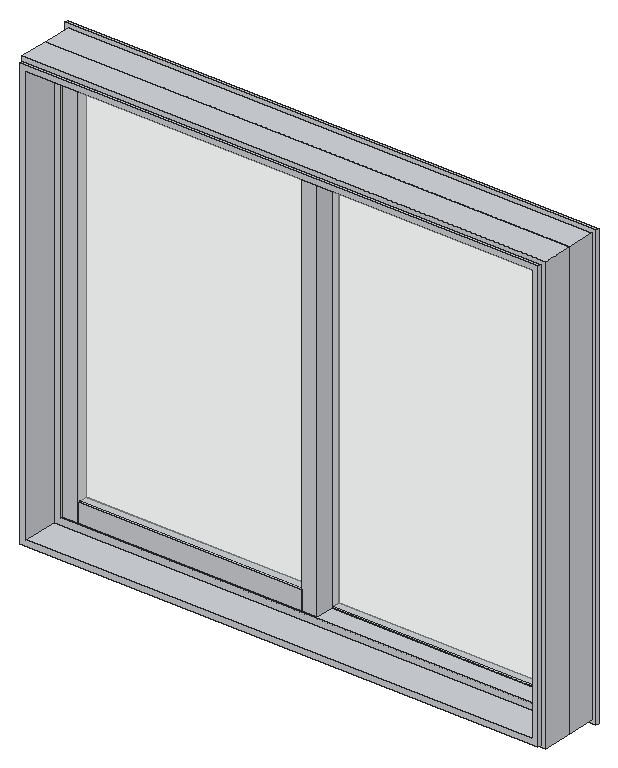
Revit family "APL Residential Thermal Heart Sliding Window SF", category Windows, host Wall, Revit 2017 (continued)
Definition of nested family "APL Residential Thermal Heart Sliding Window SF Horizontal Section"
  Definition of nested family "Jamb Stile"
    Definition of nested family "65400_Frame Head"
      Lines and regions (mm)
        detail lines, in view "Ref. Level"
          curve 435: arc (15.121, -18.939, 0) -> (15.411, -19.059, 0) -> (15.722, -19.1, 0) r 1.2
          curve 436: arc (16.645, -19.1, 0) -> (17.218, -19.281, 0) -> (17.584, -19.758, 0) r 1
          curve 437: arc (18.377, -21.937, 0) -> (18.524, -22.128, 0) -> (18.753, -22.2, 0) r 0.4
          curve 438: arc (21.447, -22.2, 0) -> (21.676, -22.128, 0) -> (21.823, -21.937, 0) r 0.4
          curve 439: arc (22.616, -19.758, 0) -> (22.982, -19.281, 0) -> (23.555, -19.1, 0) r 1
          curve 440: arc (24.478, -19.1, 0) -> (24.789, -19.059, 0) -> (25.079, -18.939, 0) r 1.2
          curve 441: arc (26.607, -18.054, 0) -> (26.704, -18.014, 0) -> (26.807, -18, 0) r 0.4
          curve 442: arc (27.1, -18, 0) -> (27.383, -18.117, 0) -> (27.5, -18.4, 0) r 0.4
          curve 443: arc (27.5, -21.8, 0) -> (27.383, -22.083, 0) -> (27.1, -22.2, 0) r 0.4
          curve 444: arc (26.807, -22.2, 0) -> (26.704, -22.186, 0) -> (26.607, -22.146, 0) r 0.4
          curve 445: arc (25.079, -21.261, 0) -> (24.785, -21.14, 0) -> (24.47, -21.1, 0) r 1.2
          curve 446: arc (24.47, -21.1, 0) -> (24.295, -21.153, 0) -> (24.184, -21.297, 0) r 0.3
          curve 447: arc (23.296, -23.737, 0) -> (23.149, -23.928, 0) -> (22.92, -24, 0) r 0.4
          curve 448: arc (17.28, -24, 0) -> (17.051, -23.928, 0) -> (16.904, -23.737, 0) r 0.4
          curve 449: arc (16.016, -21.297, 0) -> (15.905, -21.153, 0) -> (15.73, -21.1, 0) r 0.3
          curve 450: arc (15.73, -21.1, 0) -> (15.415, -21.14, 0) -> (15.121, -21.261, 0) r 1.2
          curve 451: arc (13.593, -22.146, 0) -> (13.496, -22.186, 0) -> (13.393, -22.2, 0) r 0.4
          curve 452: arc (13.1, -22.2, 0) -> (12.817, -22.083, 0) -> (12.7, -21.8, 0) r 0.4
          curve 453: line (13.1, -18, 0) -> (13.393, -18, 0)
          curve 454: line (13.593, -18.054, 0) -> (15.121, -18.939, 0)
          curve 455: line (15.722, -19.1, 0) -> (16.645, -19.1, 0)
          curve 456: line (17.584, -19.758, 0) -> (18.377, -21.937, 0)
          curve 457: line (18.753, -22.2, 0) -> (21.447, -22.2, 0)
          curve 458: line (21.823, -21.937, 0) -> (22.616, -19.758, 0)
          curve 459: line (23.555, -19.1, 0) -> (24.478, -19.1, 0)
          curve 460: line (25.079, -18.939, 0) -> (26.607, -18.054, 0)
          curve 461: line (26.807, -18, 0) -> (27.1, -18, 0)
          curve 462: line (27.5, -18.4, 0) -> (27.5, -21.8, 0)
          curve 463: line (27.1, -22.2, 0) -> (26.807, -22.2, 0)
          curve 464: line (26.607, -22.146, 0) -> (25.079, -21.261, 0)
          curve 465: line (24.184, -21.297, 0) -> (23.296, -23.737, 0)
          curve 466: line (22.92, -24, 0) -> (17.28, -24, 0)
          curve 467: line (16.904, -23.737, 0) -> (16.016, -21.297, 0)
          curve 468: line (15.121, -21.261, 0) -> (13.593, -22.146, 0)
          curve 469: line (13.393, -22.2, 0) -> (13.1, -22.2, 0)
          curve 470: line (12.7, -21.8, 0) -> (12.7, -18.4, 0)
          curve 471: arc (12.7, -2.2, 0) -> (12.817, -1.917, 0) -> (13.1, -1.8, 0) r 0.4
          curve 472: arc (13.393, -1.8, 0) -> (13.496, -1.814, 0) -> (13.593, -1.854, 0) r 0.4
          curve 473: arc (15.121, -2.739, 0) -> (15.411, -2.859, 0) -> (15.722, -2.9, 0) r 1.2
          curve 474: arc (16.645, -2.9, 0) -> (17.218, -3.081, 0) -> (17.584, -3.558, 0) r 1
          curve 475: arc (18.377, -5.737, 0) -> (18.524, -5.928, 0) -> (18.753, -6, 0) r 0.4
          curve 476: arc (21.447, -6, 0) -> (21.676, -5.928, 0) -> (21.823, -5.737, 0) r 0.4
          curve 477: arc (22.616, -3.558, 0) -> (22.982, -3.081, 0) -> (23.555, -2.9, 0) r 1
          curve 478: arc (24.478, -2.9, 0) -> (24.789, -2.859, 0) -> (25.079, -2.739, 0) r 1.2
          curve 479: arc (26.607, -1.854, 0) -> (26.704, -1.814, 0) -> (26.807, -1.8, 0) r 0.4
          curve 480: arc (27.1, -1.8, 0) -> (27.383, -1.917, 0) -> (27.5, -2.2, 0) r 0.4
          curve 481: arc (27.5, -5.6, 0) -> (27.383, -5.883, 0) -> (27.1, -6, 0) r 0.4
          curve 482: arc (26.807, -6, 0) -> (26.704, -5.986, 0) -> (26.607, -5.946, 0) r 0.4
          curve 483: arc (25.079, -5.061, 0) -> (24.785, -4.94, 0) -> (24.47, -4.9, 0) r 1.2
          curve 484: arc (24.47, -4.9, 0) -> (24.295, -4.953, 0) -> (24.184, -5.097, 0) r 0.3
          curve 485: arc (23.296, -7.537, 0) -> (23.149, -7.728, 0) -> (22.92, -7.8, 0) r 0.4
          curve 486: arc (17.28, -7.8, 0) -> (17.051, -7.728, 0) -> (16.904, -7.537, 0) r 0.4
          curve 487: arc (16.016, -5.097, 0) -> (15.905, -4.953, 0) -> (15.73, -4.9, 0) r 0.3
          curve 488: arc (15.73, -4.9, 0) -> (15.415, -4.94, 0) -> (15.121, -5.061, 0) r 1.2
          curve 489: arc (13.593, -5.946, 0) -> (13.496, -5.986, 0) -> (13.393, -6, 0) r 0.4
          curve 490: arc (13.1, -6, 0) -> (12.817, -5.883, 0) -> (12.7, -5.6, 0) r 0.4
          curve 491: line (13.1, -1.8, 0) -> (13.393, -1.8, 0)
          curve 492: line (13.593, -1.854, 0) -> (15.121, -2.739, 0)
          curve 493: line (15.722, -2.9, 0) -> (16.645, -2.9, 0)
          curve 494: line (17.584, -3.558, 0) -> (18.377, -5.737, 0)
          curve 495: line (18.753, -6, 0) -> (21.447, -6, 0)
          curve 496: line (21.823, -5.737, 0) -> (22.616, -3.558, 0)
          curve 497: line (23.555, -2.9, 0) -> (24.478, -2.9, 0)
          curve 498: line (25.079, -2.739, 0) -> (26.607, -1.854, 0)
          curve 499: line (26.807, -1.8, 0) -> (27.1, -1.8, 0)
          curve 500: line (27.5, -2.2, 0) -> (27.5, -5.6, 0)
          curve 501: line (27.1, -6, 0) -> (26.807, -6, 0)
          curve 502: line (26.607, -5.946, 0) -> (25.079, -5.061, 0)
          curve 503: line (24.184, -5.097, 0) -> (23.296, -7.537, 0)
          curve 504: line (22.92, -7.8, 0) -> (17.28, -7.8, 0)
          curve 505: line (16.904, -7.537, 0) -> (16.016, -5.097, 0)
          curve 506: line (15.121, -5.061, 0) -> (13.593, -5.946, 0)
          curve 507: line (13.393, -6, 0) -> (13.1, -6, 0)
          curve 508: line (12.7, -5.6, 0) -> (12.7, -2.2, 0)
          curve 509: arc (10.8, -6.498, 0) -> (11.356, -7.843, 0) -> (12.7, -8.4, 0) r 1.9
          curve 510: arc (13.1, -8.4, 0) -> (13.241, -8.459, 0) -> (13.3, -8.6, 0) r 0.2
          curve 511: arc (13.3, -15.4, 0) -> (13.241, -15.541, 0) -> (13.1, -15.6, 0) r 0.2
          curve 512: arc (11, -15.6, 0) -> (10.859, -15.659, 0) -> (10.8, -15.8, 0) r 0.2
          curve 513: arc (10.8, -16.283, 0) -> (10.741, -16.425, 0) -> (10.6, -16.483, 0) r 0.2
          curve 514: arc (1.9, -16.483, 0) -> (1.546, -16.337, 0) -> (1.4, -15.983, 0) r 0.5
          curve 515: arc (1.4, -2.245, 0) -> (1.521, -1.631, 0) -> (1.869, -1.111, 0) r 1.6
          curve 516: arc (6.387, 3.407, 0) -> (6.711, 3.624, 0) -> (7.094, 3.7, 0) r 1
          curve 517: arc (9.8, 3.7, 0) -> (10.507, 3.407, 0) -> (10.8, 2.7, 0) r 1
          curve 518: arc (1.665, -23.621, 0) -> (1.729, -23.522, 0) -> (1.725, -23.403, 0) r 0.2
          curve 519: arc (1.725, -23.403, 0) -> (1.621, -23.234, 0) -> (1.453, -23.127, 0) r 0.45
          curve 520: arc (1.453, -23.127, 0) -> (1.357, -23.052, 0) -> (1.322, -22.936, 0) r 0.2
          curve 521: arc (1.379, -18.081, 0) -> (1.438, -17.941, 0) -> (1.579, -17.883, 0) r 0.2
          curve 522: arc (10.6, -17.883, 0) -> (10.741, -17.942, 0) -> (10.8, -18.083, 0) r 0.2
          curve 523: arc (10.8, -22.172, 0) -> (10.773, -22.272, 0) -> (10.7, -22.345, 0) r 0.2
          curve 524: arc (9.6, -22.98, 0) -> (9.38, -23.2, 0) -> (9.3, -23.5, 0) r 0.6
          curve 525: arc (9.3, -23.8, 0) -> (9.359, -23.941, 0) -> (9.5, -24, 0) r 0.2
          curve 526: arc (13.617, -24, 0) -> (13.922, -23.801, 0) -> (14.195, -24.043, 0) r 0.3
          curve 527: arc (14.195, -24.043, 0) -> (14.261, -24.181, 0) -> (14.387, -24.268, 0) r 0.3
          curve 528: arc (15.797, -24.782, 0) -> (16.083, -24.738, 0) -> (16.199, -24.474, 0) r 0.3
          curve 529: arc (15.992, -22.108, 0) -> (15.965, -22.008, 0) -> (15.905, -21.922, 0) r 0.3
          curve 530: arc (15.541, -21.559, 0) -> (15.348, -21.507, 0) -> (15.207, -21.648, 0) r 0.2
          curve 531: arc (15.162, -21.816, 0) -> (15.11, -21.905, 0) -> (15.021, -21.957, 0) r 0.2
          curve 532: arc (12.878, -22.49, 0) -> (12.536, -22.343, 0) -> (12.6, -21.976, 0) r 0.3
          curve 533: arc (12.6, -21.976, 0) -> (12.674, -21.875, 0) -> (12.7, -21.753, 0) r 0.3
          curve 534: arc (12.506, -17.75, 0) -> (12.542, -17.578, 0) -> (12.7, -17.5, 0) r 0.2
          curve 535: arc (13.221, -17.5, 0) -> (13.302, -17.511, 0) -> (13.377, -17.544, 0) r 0.3
          curve 536: arc (14.631, -18.309, 0) -> (14.637, -18.502, 0) -> (14.78, -18.633, 0) r 0.25
          curve 537: arc (14.78, -18.633, 0) -> (15.05, -18.679, 0) -> (15.2, -18.45, 0) r 0.25
          curve 538: arc (15.2, -8.599, 0) -> (15.259, -8.458, 0) -> (15.4, -8.4, 0) r 0.2
          curve 539: arc (16.479, -8.4, 0) -> (16.643, -8.315, 0) -> (16.667, -8.132, 0) r 0.2
          curve 540: arc (15.775, -5.682, 0) -> (15.702, -5.586, 0) -> (15.587, -5.55, 0) r 0.2
          curve 541: arc (15.353, -5.55, 0) -> (15.248, -5.52, 0) -> (15.174, -5.439, 0) r 0.2
          curve 542: arc (15.174, -5.439, 0) -> (14.995, -5.304, 0) -> (14.78, -5.367, 0) r 0.25
          curve 543: arc (14.78, -5.367, 0) -> (14.637, -5.498, 0) -> (14.631, -5.691, 0) r 0.25
          curve 544: arc (13.377, -6.456, 0) -> (13.302, -6.489, 0) -> (13.221, -6.5, 0) r 0.3
          curve 545: arc (12.7, -6.5, 0) -> (12.542, -6.422, 0) -> (12.506, -6.25, 0) r 0.2
          curve 546: arc (12.7, -2.247, 0) -> (12.674, -2.125, 0) -> (12.6, -2.024, 0) r 0.3
          curve 547: arc (12.6, -2.024, 0) -> (12.536, -1.657, 0) -> (12.878, -1.51, 0) r 0.3
          curve 548: arc (15.021, -2.043, 0) -> (15.11, -2.095, 0) -> (15.162, -2.184, 0) r 0.2
          curve 549: arc (15.207, -2.352, 0) -> (15.348, -2.493, 0) -> (15.541, -2.441, 0) r 0.2
          curve 550: arc (15.905, -2.078, 0) -> (15.965, -1.992, 0) -> (15.992, -1.892, 0) r 0.3
          curve 551: arc (16.199, 0.474, 0) -> (16.083, 0.738, 0) -> (15.797, 0.782, 0) r 0.3
          curve 552: arc (14.387, 0.268, 0) -> (14.261, 0.181, 0) -> (14.195, 0.043, 0) r 0.3
          curve 553: arc (14.195, 0.043, 0) -> (13.922, -0.199, 0) -> (13.617, 0, 0) r 0.3
          curve 554: arc (12.6, 0, 0) -> (12.459, 0.059, 0) -> (12.4, 0.2, 0) r 0.2
          curve 555: arc (12.4, 2.696, 0) -> (11.64, 4.537, 0) -> (9.8, 5.3, 0) r 2.6
          curve 556: arc (7.9, 5.3, 0) -> (7.547, 5.446, 0) -> (7.4, 5.8, 0) r 0.5
          curve 557: arc (7.4, 13.402, 0) -> (7.508, 13.581, 0) -> (7.716, 13.566, 0) r 0.2
          curve 558: arc (7.716, 13.566, 0) -> (8.721, 13.692, 0) -> (8.684, 14.705, 0) r 0.75
          curve 559: arc (8.684, 14.705, 0) -> (8.15, 16.005, 0) -> (8.684, 17.305, 0) r 1.85
          curve 560: arc (8.684, 17.305, 0) -> (8.794, 17.447, 0) -> (8.867, 17.612, 0) r 0.75
          curve 561: arc (8.867, 17.612, 0) -> (8.97, 17.796, 0) -> (9.14, 17.921, 0) r 0.5
          curve 562: arc (9.14, 17.921, 0) -> (10, 18.105, 0) -> (10.86, 17.921, 0) r 2.1
          curve 563: arc (10.86, 17.921, 0) -> (11.03, 17.796, 0) -> (11.133, 17.612, 0) r 0.5
          curve 564: arc (11.133, 17.612, 0) -> (11.206, 17.447, 0) -> (11.316, 17.305, 0) r 0.75
          curve 565: arc (11.316, 17.305, 0) -> (11.85, 16.005, 0) -> (11.316, 14.705, 0) r 1.85
          curve 566: arc (11.316, 14.705, 0) -> (11.323, 13.644, 0) -> (12.384, 13.651, 0) r 0.75
          curve 567: arc (12.384, 13.651, 0) -> (13.348, 15.881, 0) -> (12.551, 18.176, 0) r 3.35
          curve 568: arc (12.551, 18.176, 0) -> (12.478, 18.71, 0) -> (12.932, 19, 0) r 0.5
          curve 569: arc (13.15, 19, 0) -> (13.291, 19.059, 0) -> (13.35, 19.2, 0) r 0.2
          curve 570: arc (13.35, 19.5, 0) -> (13.204, 19.854, 0) -> (12.85, 20, 0) r 0.5
          curve 571: arc (7, 20, 0) -> (6.293, 19.707, 0) -> (6, 19, 0) r 1
          curve 572: arc (6, 6.243, 0) -> (5.772, 5.095, 0) -> (5.121, 4.121, 0) r 3
          curve 573: arc (0.879, -0.121, 0) -> (0.228, -1.095, 0) -> (0, -2.243, 0) r 3
          curve 574: arc (0, -23.8, 0) -> (0.059, -23.941, 0) -> (0.2, -24, 0) r 0.2
          curve 575: line (10.8, 2.7, 0) -> (10.8, -6.498, 0)
          curve 576: line (12.7, -8.4, 0) -> (13.1, -8.4, 0)
          curve 577: line (13.3, -8.6, 0) -> (13.3, -15.4, 0)
          curve 578: line (13.1, -15.6, 0) -> (11, -15.6, 0)
          curve 579: line (10.8, -15.8, 0) -> (10.8, -16.283, 0)
          curve 580: line (10.6, -16.483, 0) -> (1.9, -16.483, 0)
          curve 581: line (1.4, -15.983, 0) -> (1.4, -2.245, 0)
          curve 582: line (1.869, -1.111, 0) -> (6.387, 3.407, 0)
          curve 583: line (7.094, 3.7, 0) -> (9.8, 3.7, 0)
          curve 584: line (1.322, -22.936, 0) -> (1.379, -18.081, 0)
          curve 585: line (1.579, -17.883, 0) -> (10.6, -17.883, 0)
          curve 586: line (10.8, -18.083, 0) -> (10.8, -22.172, 0)
          curve 587: line (10.7, -22.345, 0) -> (9.6, -22.98, 0)
          curve 588: line (9.3, -23.5, 0) -> (9.3, -23.8, 0)
          curve 589: line (9.5, -24, 0) -> (13.617, -24, 0)
          curve 590: line (14.387, -24.268, 0) -> (15.797, -24.782, 0)
          curve 591: line (16.199, -24.474, 0) -> (15.992, -22.108, 0)
          curve 592: line (15.905, -21.922, 0) -> (15.541, -21.559, 0)
          curve 593: line (15.207, -21.648, 0) -> (15.162, -21.816, 0)
          curve 594: line (15.021, -21.957, 0) -> (12.888, -22.528, 0)
          curve 595: line (12.7, -21.753, 0) -> (12.7, -18.525, 0)
          curve 596: line (12.7, -18.5, 0) -> (12.506, -17.75, 0)
          curve 597: line (12.7, -17.5, 0) -> (13.221, -17.5, 0)
          curve 598: line (13.377, -17.544, 0) -> (14.631, -18.309, 0)
          curve 599: line (15.2, -18.45, 0) -> (15.2, -16.874, 0)
          curve 600: line (15.2, -16.874, 0) -> (15.2, -8.599, 0)
          curve 601: line (15.4, -8.4, 0) -> (16.479, -8.4, 0)
          curve 602: line (16.667, -8.132, 0) -> (15.775, -5.682, 0)
          curve 603: line (15.587, -5.55, 0) -> (15.353, -5.55, 0)
          curve 604: line (14.631, -5.691, 0) -> (13.377, -6.456, 0)
          curve 605: line (13.221, -6.5, 0) -> (12.7, -6.5, 0)
          curve 606: line (12.506, -6.25, 0) -> (12.7, -5.5, 0)
          curve 607: line (12.7, -5.475, 0) -> (12.7, -2.247, 0)
          curve 608: line (12.888, -1.472, 0) -> (15.021, -2.043, 0)
          curve 609: line (15.162, -2.184, 0) -> (15.207, -2.352, 0)
          curve 610: line (15.541, -2.441, 0) -> (15.905, -2.078, 0)
          curve 611: line (15.992, -1.892, 0) -> (16.199, 0.474, 0)
          curve 612: line (15.797, 0.782, 0) -> (14.387, 0.268, 0)
          curve 613: line (13.617, 0, 0) -> (12.6, 0, 0)
          curve 614: line (12.4, 0.2, 0) -> (12.4, 2.696, 0)
          curve 615: line (9.8, 5.3, 0) -> (7.9, 5.3, 0)
          curve 616: line (7.4, 5.8, 0) -> (7.4, 13.402, 0)
          curve 617: line (12.932, 19, 0) -> (13.15, 19, 0)
          curve 618: line (13.35, 19.2, 0) -> (13.35, 19.5, 0)
          curve 619: line (12.85, 20, 0) -> (7, 20, 0)
          curve 620: line (6, 19, 0) -> (6, 6.243, 0)
          curve 621: line (5.121, 4.121, 0) -> (0.879, -0.121, 0)
          curve 622: line (0, -2.243, 0) -> (0, -23.8, 0)
          curve 623: line (0.2, -24, 0) -> (1.214, -24, 0)
          curve 624: line (1.214, -24, 0) -> (1.665, -23.621, 0)
          curve 625: line (106.85, -41.439, 0) -> (112.6, -39.899, 0)
          curve 626: line (111.139, -40.29, 0) -> (106.85, -40.29, 0)
          curve 627: line (112.6, -39.45, 0) -> (106.85, -39.45, 0)
          curve 628: line (112.6, -38.61, 0) -> (106.85, -38.61, 0)
          curve 629: line (112.6, -37.69, 0) -> (106.85, -37.69, 0)
          curve 630: line (112.6, -36.85, 0) -> (106.85, -36.85, 0)
          curve 631: line (111.139, -36.01, 0) -> (106.85, -36.01, 0)
          curve 632: line (112.6, -36.401, 0) -> (106.85, -34.861, 0)
          curve 633: line (112.85, -41.6, 0) -> (112.85, -34.7, 0)
          curve 634: line (112.6, -34.7, 0) -> (112.6, -41.6, 0)
          curve 635: line (112.6, -41.6, 0) -> (113.1, -41.6, 0)
          curve 636: line (113.1, -41.6, 0) -> (113.1, -34.7, 0)
          curve 637: line (113.1, -34.7, 0) -> (112.6, -34.7, 0)
          curve 651: line (74.15, -41.439, 0) -> (68.4, -39.899, 0)
          curve 652: line (69.861, -40.29, 0) -> (74.15, -40.29, 0)
          curve 653: line (68.4, -39.45, 0) -> (74.15, -39.45, 0)
          curve 654: line (68.4, -38.61, 0) -> (74.15, -38.61, 0)
          curve 655: line (68.4, -37.69, 0) -> (74.15, -37.69, 0)
          curve 656: line (68.4, -36.85, 0) -> (74.15, -36.85, 0)
          curve 657: line (69.861, -36.01, 0) -> (74.15, -36.01, 0)
          curve 658: line (68.4, -36.401, 0) -> (74.15, -34.861, 0)
          curve 659: line (68.15, -41.6, 0) -> (68.15, -34.7, 0)
          curve 660: line (68.4, -34.7, 0) -> (68.4, -41.6, 0)
          curve 661: line (68.4, -41.6, 0) -> (67.9, -41.6, 0)
          curve 662: line (67.9, -41.6, 0) -> (67.9, -34.7, 0)
          curve 663: line (67.9, -34.7, 0) -> (68.4, -34.7, 0)
        detail lines, in view "Ref. Level", not visible
          curve 638: line (101.764, -41.439, 0) -> (107.514, -39.899, 0)
          curve 639: line (106.053, -40.29, 0) -> (101.764, -40.29, 0)
          curve 640: line (107.514, -39.45, 0) -> (101.764, -39.45, 0)
          curve 641: line (107.514, -38.61, 0) -> (101.764, -38.61, 0)
          curve 642: line (107.514, -37.69, 0) -> (101.764, -37.69, 0)
          curve 643: line (107.514, -36.85, 0) -> (101.764, -36.85, 0)
          curve 644: line (106.053, -36.01, 0) -> (101.764, -36.01, 0)
          curve 645: line (107.514, -36.401, 0) -> (101.764, -34.861, 0)
          curve 646: line (107.764, -41.6, 0) -> (107.764, -34.7, 0)
          curve 647: line (107.514, -34.7, 0) -> (107.514, -41.6, 0)
          curve 648: line (107.514, -41.6, 0) -> (108.014, -41.6, 0)
          curve 649: line (108.014, -41.6, 0) -> (108.014, -34.7, 0)
          curve 650: line (108.014, -34.7, 0) -> (107.514, -34.7, 0)
      Text (mm)
        text "65400" at (41.516, 17.579, 0), in view "Ref. Level"
    Definition of nested family "65575_Threshold"
      Reference planes
        plane 1 "Center (Front/Back)": y = 0
        plane 2: z = 0
        plane 3 "Center (Left/Right)": x = 0
      Lines and regions (mm)
        detail lines, in view "Ref. Level"
          curve 1: arc (0.123, 1.385, 0) -> (0.034, 1.312, 0) -> (0, 1.2, 0) r 0.2
          curve 2: arc (0, 0.2, 0) -> (0.059, 0.059, 0) -> (0.2, 0, 0) r 0.2
          curve 3: arc (1.987, -0.473, 0) -> (2.044, -0.588, 0) -> (2.019, -0.715, 0) r 0.2
          curve 4: arc (1.788, -1.112, 0) -> (1.916, -1.591, 0) -> (2.394, -1.463, 0) r 0.35
          curve 5: arc (2.779, -0.797, 0) -> (2.842, -0.484, 0) -> (2.701, -0.197, 0) r 0.497
          curve 6: arc (2.033, 0.47, 0) -> (1.979, 0.65, 0) -> (2.098, 0.796, 0) r 0.2
          curve 7: arc (41.094, 16.949, 0) -> (41.282, 16.93, 0) -> (41.37, 16.764, 0) r 0.2
          curve 8: arc (41.37, 12.481, 0) -> (41.586, 11.578, 0) -> (42.188, 10.869, 0) r 2
          curve 9: arc (42.188, 10.869, 0) -> (43.515, 8.691, 0) -> (42.924, 6.21, 0) r 3.35
          curve 10: arc (42.924, 6.21, 0) -> (43.038, 5.512, 0) -> (43.736, 5.625, 0) r 0.5
          curve 11: arc (43.736, 5.625, 0) -> (44.503, 8.847, 0) -> (42.779, 11.675, 0) r 4.35
          curve 12: arc (42.779, 11.675, 0) -> (42.478, 12.03, 0) -> (42.37, 12.481, 0) r 1
          curve 13: arc (42.37, 18.585, 0) -> (42.282, 18.751, 0) -> (42.094, 18.77, 0) r 0.2
          curve 14: line (0, 1.2, 0) -> (0, 0.2, 0)
          curve 15: line (0.2, 0, 0) -> (1.431, 0, 0)
          curve 16: line (1.573, -0.059, 0) -> (1.987, -0.473, 0)
          curve 17: line (2.019, -0.715, 0) -> (1.788, -1.112, 0)
          curve 18: line (2.394, -1.463, 0) -> (2.779, -0.797, 0)
          curve 19: line (2.701, -0.197, 0) -> (2.033, 0.47, 0)
          curve 20: line (2.098, 0.796, 0) -> (41.094, 16.949, 0)
          curve 21: line (41.37, 16.764, 0) -> (41.37, 12.481, 0)
          curve 22: line (42.37, 12.481, 0) -> (42.37, 18.585, 0)
          curve 23: line (42.094, 18.77, 0) -> (0.123, 1.385, 0)
      Text (mm)
        text "65575" at (6.848, 22.344, 0), in view "Ref. Level"
    Definition of nested family "65520_Lock Stile"
      Reference planes
        plane 1 "Center (Front/Back)": y = 0
        plane 2: z = 0
        plane 3 "Center (Left/Right)": x = 0
      Lines and regions (mm)
        model lines, in view "Ref. Level"
          curve 1: arc (64.617, -36.001, 0) -> (64.992, -35.626, 0) -> (64.617, -35.251, 0) r 0.375
          curve 2: arc (64.242, -32, 0) -> (64.184, -31.859, 0) -> (64.042, -31.8, 0) r 0.2
          curve 3: arc (62.612, -31.8, 0) -> (62.471, -31.859, 0) -> (62.412, -32, 0) r 0.2
          curve 4: arc (62.412, -32.6, 0) -> (62.471, -32.741, 0) -> (62.612, -32.8, 0) r 0.2
          curve 5: arc (62.962, -32.8, 0) -> (63.104, -32.859, 0) -> (63.162, -33, 0) r 0.2
          curve 6: arc (63.162, -33.6, 0) -> (63.104, -33.741, 0) -> (62.962, -33.8, 0) r 0.2
          curve 7: arc (62.612, -33.8, 0) -> (62.471, -33.859, 0) -> (62.412, -34, 0) r 0.2
          curve 8: arc (62.412, -34.301, 0) -> (62.266, -34.655, 0) -> (61.912, -34.801, 0) r 0.5
          curve 9: arc (60.912, -34.801, 0) -> (60.559, -34.655, 0) -> (60.412, -34.301, 0) r 0.5
          curve 10: arc (60.412, -34, 0) -> (60.354, -33.859, 0) -> (60.212, -33.8, 0) r 0.2
          curve 11: arc (59.862, -33.8, 0) -> (59.721, -33.741, 0) -> (59.662, -33.6, 0) r 0.2
          curve 12: arc (59.662, -33, 0) -> (59.721, -32.859, 0) -> (59.862, -32.8, 0) r 0.2
          curve 13: arc (60.212, -32.8, 0) -> (60.354, -32.741, 0) -> (60.412, -32.6, 0) r 0.2
          curve 14: arc (60.412, -32, 0) -> (60.354, -31.859, 0) -> (60.212, -31.8, 0) r 0.2
          curve 15: arc (57.112, -31.8, 0) -> (56.971, -31.859, 0) -> (56.912, -32, 0) r 0.2
          curve 16: arc (56.912, -32.6, 0) -> (56.971, -32.741, 0) -> (57.112, -32.8, 0) r 0.2
          curve 17: arc (57.862, -32.8, 0) -> (58.216, -32.946, 0) -> (58.362, -33.3, 0) r 0.5
          curve 18: arc (58.362, -33.701, 0) -> (58.216, -34.054, 0) -> (57.862, -34.201, 0) r 0.5
          curve 19: arc (45.74, -34.2, 0) -> (45.386, -34.054, 0) -> (45.24, -33.7, 0) r 0.5
          curve 20: arc (45.24, -31.883, 0) -> (45.041, -31.578, 0) -> (45.283, -31.305, 0) r 0.3
          curve 21: arc (45.283, -31.305, 0) -> (45.421, -31.239, 0) -> (45.508, -31.113, 0) r 0.3
          curve 22: arc (46.022, -29.703, 0) -> (45.978, -29.417, 0) -> (45.714, -29.301, 0) r 0.3
          curve 23: arc (43.348, -29.508, 0) -> (43.248, -29.535, 0) -> (43.162, -29.595, 0) r 0.3
          curve 24: arc (42.799, -29.959, 0) -> (42.747, -30.152, 0) -> (42.888, -30.293, 0) r 0.2
          curve 25: arc (43.056, -30.338, 0) -> (43.145, -30.39, 0) -> (43.197, -30.479, 0) r 0.2
          curve 26: arc (43.74, -32.7, 0) -> (43.547, -32.98, 0) -> (43.216, -32.9, 0) r 0.3
          curve 27: arc (43.216, -32.9, 0) -> (43.115, -32.826, 0) -> (42.993, -32.8, 0) r 0.3
          curve 28: arc (38.99, -32.994, 0) -> (38.818, -32.958, 0) -> (38.74, -32.8, 0) r 0.2
          curve 29: arc (38.74, -32.279, 0) -> (38.751, -32.198, 0) -> (38.784, -32.122, 0) r 0.3
          curve 30: arc (39.549, -30.869, 0) -> (39.719, -30.872, 0) -> (39.851, -30.766, 0) r 0.25
          curve 31: arc (39.903, -30.68, 0) -> (39.908, -30.428, 0) -> (39.69, -30.3, 0) r 0.25
          curve 32: arc (37.951, -30.3, 0) -> (37.706, -30.364, 0) -> (37.524, -30.539, 0) r 0.5
          curve 33: arc (36.913, -31.54, 0) -> (36.859, -31.666, 0) -> (36.84, -31.801, 0) r 0.5
          curve 34: arc (36.84, -33.597, 0) -> (36.695, -33.952, 0) -> (36.34, -34.099, 0) r 0.5
          curve 35: arc (8.6, -34.099, 0) -> (8.459, -34.04, 0) -> (8.4, -33.899, 0) r 0.2
          curve 36: arc (8.4, -32.953, 0) -> (8.382, -32.817, 0) -> (8.327, -32.69, 0) r 0.5
          curve 37: arc (7.716, -31.689, 0) -> (7.534, -31.514, 0) -> (7.289, -31.45, 0) r 0.5
          curve 38: arc (5.55, -31.45, 0) -> (5.332, -31.577, 0) -> (5.337, -31.83, 0) r 0.25
          curve 39: arc (5.389, -31.916, 0) -> (5.521, -32.022, 0) -> (5.691, -32.019, 0) r 0.25
          curve 40: arc (6.456, -33.272, 0) -> (6.489, -33.348, 0) -> (6.5, -33.429, 0) r 0.3
          curve 41: arc (6.5, -33.95, 0) -> (6.422, -34.108, 0) -> (6.25, -34.144, 0) r 0.2
          curve 42: arc (2.247, -33.95, 0) -> (2.125, -33.976, 0) -> (2.024, -34.05, 0) r 0.3
          curve 43: arc (2.024, -34.05, 0) -> (1.693, -34.13, 0) -> (1.5, -33.85, 0) r 0.3
          curve 44: arc (2.043, -31.629, 0) -> (2.095, -31.54, 0) -> (2.184, -31.488, 0) r 0.2
          curve 45: arc (2.352, -31.443, 0) -> (2.493, -31.302, 0) -> (2.441, -31.109, 0) r 0.2
          curve 46: arc (2.078, -30.745, 0) -> (1.992, -30.685, 0) -> (1.892, -30.658, 0) r 0.3
          curve 47: arc (-0.474, -30.451, 0) -> (-0.738, -30.567, 0) -> (-0.782, -30.853, 0) r 0.3
          curve 48: arc (-0.268, -32.263, 0) -> (-0.181, -32.389, 0) -> (-0.043, -32.455, 0) r 0.3
          curve 49: arc (-0.043, -32.455, 0) -> (0.199, -32.728, 0) -> (0, -33.033, 0) r 0.3
          curve 50: arc (-3.076, -33.033, 0) -> (-3.524, -33.31, 0) -> (-3.475, -33.834, 0) r 0.5
          curve 51: arc (-3.475, -33.834, 0) -> (-2.783, -34.469, 0) -> (-1.91, -34.817, 0) r 2.6
          curve 52: line (4.258, -36.001, 0) -> (64.617, -36.001, 0)
          curve 53: line (64.617, -35.251, 0) -> (64.242, -35.251, 0)
          curve 54: line (64.242, -35.251, 0) -> (64.242, -32, 0)
          curve 55: line (64.042, -31.8, 0) -> (62.612, -31.8, 0)
          curve 56: line (62.412, -32, 0) -> (62.412, -32.6, 0)
          curve 57: line (62.612, -32.8, 0) -> (62.962, -32.8, 0)
          curve 58: line (63.162, -33, 0) -> (63.162, -33.6, 0)
          curve 59: line (62.962, -33.8, 0) -> (62.612, -33.8, 0)
          curve 60: line (62.412, -34, 0) -> (62.412, -34.301, 0)
          curve 61: line (61.912, -34.801, 0) -> (60.912, -34.801, 0)
          curve 62: line (60.412, -34.301, 0) -> (60.412, -34, 0)
          curve 63: line (60.212, -33.8, 0) -> (59.862, -33.8, 0)
          curve 64: line (59.662, -33.6, 0) -> (59.662, -33, 0)
          curve 65: line (59.862, -32.8, 0) -> (60.212, -32.8, 0)
          curve 66: line (60.412, -32.6, 0) -> (60.412, -32, 0)
          curve 67: line (60.212, -31.8, 0) -> (57.112, -31.8, 0)
          curve 68: line (56.912, -32, 0) -> (56.912, -32.6, 0)
          curve 69: line (57.112, -32.8, 0) -> (57.862, -32.8, 0)
          curve 70: line (58.362, -33.3, 0) -> (58.362, -33.701, 0)
          curve 71: line (57.862, -34.201, 0) -> (45.74, -34.201, 0)
          curve 72: line (45.24, -33.7, 0) -> (45.24, -31.883, 0)
          curve 73: line (45.508, -31.113, 0) -> (46.022, -29.703, 0)
          curve 74: line (45.714, -29.301, 0) -> (43.348, -29.508, 0)
          curve 75: line (43.162, -29.595, 0) -> (42.799, -29.959, 0)
          curve 76: line (42.888, -30.293, 0) -> (43.056, -30.338, 0)
          curve 77: line (43.056, -30.338, 0) -> (43.73, -32.468, 0)
          curve 78: line (43.73, -32.468, 0) -> (43.74, -32.7, 0)
          curve 79: line (42.993, -32.8, 0) -> (39.765, -32.8, 0)
          curve 80: line (39.765, -32.8, 0) -> (38.99, -32.994, 0)
          curve 81: line (38.74, -32.8, 0) -> (38.74, -32.279, 0)
          curve 82: line (38.74, -32.279, 0) -> (39.549, -30.869, 0)
          curve 83: line (39.69, -30.3, 0) -> (37.951, -30.3, 0)
          curve 84: line (37.524, -30.539, 0) -> (36.913, -31.54, 0)
          curve 85: line (36.84, -31.801, 0) -> (36.84, -33.597, 0)
          curve 86: line (36.34, -34.099, 0) -> (8.6, -34.099, 0)
          curve 87: line (8.4, -33.899, 0) -> (8.4, -32.953, 0)
          curve 88: line (8.327, -32.69, 0) -> (7.716, -31.689, 0)
          curve 89: line (7.289, -31.45, 0) -> (5.55, -31.45, 0)
          curve 90: line (5.691, -32.019, 0) -> (6.456, -33.272, 0)
          curve 91: line (6.456, -33.272, 0) -> (6.5, -33.95, 0)
          curve 92: line (6.25, -34.144, 0) -> (5.5, -33.95, 0)
          curve 93: line (5.525, -33.956, 0) -> (2.247, -33.95, 0)
          curve 94: line (1.5, -33.696, 0) -> (2.043, -31.629, 0)
          curve 95: line (2.043, -31.629, 0) -> (2.352, -31.443, 0)
          curve 96: line (2.441, -31.109, 0) -> (2.078, -30.745, 0)
          curve 97: line (1.892, -30.658, 0) -> (-0.474, -30.451, 0)
          curve 98: line (-0.782, -30.853, 0) -> (-0.268, -32.263, 0)
          curve 99: line (0, -33.033, 0) -> (-3.076, -33.033, 0)
          curve 100: line (-1.91, -34.817, 0) -> (3.748, -35.948, 0)
          curve 101: arc (3.748, -35.948, 0) -> (4.002, -35.986, 0) -> (4.258, -36.001, 0) r 2.937
          curve 102: arc (61.061, -2.052, 0) -> (61.027, -1.878, 0) -> (60.868, -1.8, 0) r 0.2
          curve 103: arc (39.24, -1.8, 0) -> (38.887, -1.946, 0) -> (38.74, -2.3, 0) r 0.5
          curve 104: arc (38.74, -15.6, 0) -> (38.884, -15.956, 0) -> (39.24, -16.1, 0) r 0.491
          curve 105: arc (44.74, -16.1, 0) -> (45.093, -16.247, 0) -> (45.24, -16.6, 0) r 0.502
          curve 106: arc (45.24, -18.917, 0) -> (45.041, -19.222, 0) -> (45.283, -19.495, 0) r 0.3
          curve 107: arc (45.283, -19.495, 0) -> (45.421, -19.561, 0) -> (45.508, -19.687, 0) r 0.3
          curve 108: arc (46.022, -21.097, 0) -> (45.978, -21.383, 0) -> (45.714, -21.499, 0) r 0.3
          curve 109: arc (43.348, -21.292, 0) -> (43.248, -21.265, 0) -> (43.162, -21.205, 0) r 0.3
          curve 110: arc (42.799, -20.841, 0) -> (42.747, -20.648, 0) -> (42.888, -20.507, 0) r 0.2
          curve 111: arc (43.056, -20.462, 0) -> (43.145, -20.41, 0) -> (43.197, -20.321, 0) r 0.2
          curve 112: arc (43.74, -18.1, 0) -> (43.547, -17.82, 0) -> (43.216, -17.9, 0) r 0.3
          curve 113: arc (43.216, -17.9, 0) -> (43.115, -17.974, 0) -> (42.993, -18, 0) r 0.3
          curve 114: arc (38.99, -17.806, 0) -> (38.818, -17.842, 0) -> (38.74, -18, 0) r 0.2
          curve 115: arc (38.74, -18.521, 0) -> (38.751, -18.602, 0) -> (38.784, -18.677, 0) r 0.3
          curve 116: arc (39.549, -19.931, 0) -> (39.719, -19.928, 0) -> (39.851, -20.034, 0) r 0.25
          curve 117: arc (39.903, -20.12, 0) -> (39.908, -20.372, 0) -> (39.69, -20.5, 0) r 0.25
          curve 118: arc (37.951, -20.5, 0) -> (37.706, -20.436, 0) -> (37.524, -20.26, 0) r 0.5
          curve 119: arc (36.993, -19.389, 0) -> (36.81, -19.214, 0) -> (36.566, -19.15, 0) r 0.5
          curve 120: arc (8.901, -19.15, 0) -> (8.547, -19.296, 0) -> (8.4, -19.65, 0) r 0.5
          curve 121: arc (8.4, -20.148, 0) -> (8.382, -20.284, 0) -> (8.327, -20.41, 0) r 0.5
          curve 122: arc (7.716, -21.41, 0) -> (7.534, -21.586, 0) -> (7.289, -21.65, 0) r 0.5
          curve 123: arc (5.55, -21.65, 0) -> (5.332, -21.523, 0) -> (5.337, -21.27, 0) r 0.25
          curve 124: arc (5.389, -21.184, 0) -> (5.521, -21.078, 0) -> (5.691, -21.081, 0) r 0.25
          curve 125: arc (6.456, -19.827, 0) -> (6.489, -19.752, 0) -> (6.5, -19.671, 0) r 0.3
          curve 126: arc (6.5, -19.15, 0) -> (6.422, -18.992, 0) -> (6.25, -18.956, 0) r 0.2
          curve 127: arc (2.247, -19.15, 0) -> (2.125, -19.124, 0) -> (2.024, -19.05, 0) r 0.3
          curve 128: arc (2.024, -19.05, 0) -> (1.693, -18.97, 0) -> (1.5, -19.25, 0) r 0.3
          curve 129: arc (2.043, -21.471, 0) -> (2.095, -21.56, 0) -> (2.184, -21.612, 0) r 0.2
          curve 130: arc (2.352, -21.657, 0) -> (2.493, -21.798, 0) -> (2.441, -21.991, 0) r 0.2
          curve 131: arc (2.078, -22.355, 0) -> (1.992, -22.415, 0) -> (1.892, -22.442, 0) r 0.3
          curve 132: arc (-0.474, -22.649, 0) -> (-0.738, -22.533, 0) -> (-0.782, -22.247, 0) r 0.3
          curve 133: arc (-0.268, -20.837, 0) -> (-0.181, -20.711, 0) -> (-0.043, -20.645, 0) r 0.3
          curve 134: arc (-0.043, -20.645, 0) -> (0.199, -20.372, 0) -> (0, -20.067, 0) r 0.3
          curve 135: arc (0, -3.465, 0) -> (-0.147, -3.113, 0) -> (-0.5, -2.965, 0) r 0.503
          curve 136: arc (-3.076, -2.965, 0) -> (-3.524, -2.688, 0) -> (-3.475, -2.164, 0) r 0.5
          curve 137: arc (-3.475, -2.164, 0) -> (-2.783, -1.529, 0) -> (-1.91, -1.181, 0) r 2.6
          curve 138: arc (3.754, -0.049, 0) -> (3.998, -0.012, 0) -> (4.244, 0, 0) r 2.5
          curve 139: arc (64.615, 0, 0) -> (64.99, -0.375, 0) -> (64.615, -0.75, 0) r 0.375
          curve 140: arc (64.245, -1.9, 0) -> (64.186, -2.041, 0) -> (64.045, -2.1, 0) r 0.201
          curve 141: arc (63.202, -3.365, 0) -> (63.156, -3.493, 0) -> (63.037, -3.562, 0) r 0.2
          curve 142: arc (60.853, -3.8, 0) -> (60.694, -3.722, 0) -> (60.66, -3.548, 0) r 0.2
          curve 143: arc (2.401, -17.25, 0) -> (2.047, -17.104, 0) -> (1.9, -16.75, 0) r 0.501
          curve 144: arc (1.9, -2.767, 0) -> (2.013, -2.45, 0) -> (2.302, -2.276, 0) r 0.5
          curve 145: arc (36.438, -1.91, 0) -> (36.727, -2.083, 0) -> (36.84, -2.4, 0) r 0.5
          curve 146: line (60.66, -3.548, 0) -> (61.061, -2.052, 0)
          curve 147: line (60.868, -1.8, 0) -> (39.24, -1.8, 0)
          curve 148: line (38.74, -2.3, 0) -> (38.74, -15.6, 0)
          curve 149: line (39.24, -16.1, 0) -> (44.74, -16.1, 0)
          curve 150: line (45.24, -16.6, 0) -> (45.24, -18.917, 0)
          curve 151: line (45.508, -19.687, 0) -> (46.022, -21.097, 0)
          curve 152: line (45.714, -21.499, 0) -> (43.348, -21.292, 0)
          curve 153: line (43.162, -21.205, 0) -> (42.799, -20.841, 0)
          curve 154: line (42.888, -20.507, 0) -> (43.056, -20.462, 0)
          curve 155: line (43.056, -20.462, 0) -> (43.73, -18.332, 0)
          curve 156: line (43.73, -18.332, 0) -> (43.74, -18.1, 0)
          curve 157: line (42.993, -18, 0) -> (39.765, -18, 0)
          curve 158: line (39.765, -18, 0) -> (38.99, -17.806, 0)
          curve 159: line (38.74, -18, 0) -> (38.74, -18.521, 0)
          curve 160: line (38.74, -18.521, 0) -> (39.549, -19.931, 0)
          curve 161: line (39.69, -20.5, 0) -> (37.951, -20.5, 0)
          curve 162: line (37.524, -20.26, 0) -> (36.993, -19.389, 0)
          curve 163: line (36.566, -19.15, 0) -> (8.901, -19.15, 0)
          curve 164: line (8.4, -19.65, 0) -> (8.4, -20.148, 0)
          curve 165: line (8.327, -20.41, 0) -> (7.716, -21.41, 0)
          curve 166: line (7.289, -21.65, 0) -> (5.55, -21.65, 0)
          curve 167: line (5.691, -21.081, 0) -> (6.456, -19.827, 0)
          curve 168: line (6.456, -19.827, 0) -> (6.5, -19.15, 0)
          curve 169: line (6.25, -18.956, 0) -> (5.5, -19.15, 0)
          curve 170: line (5.525, -19.144, 0) -> (2.247, -19.15, 0)
          curve 171: line (1.5, -19.404, 0) -> (2.043, -21.471, 0)
          curve 172: line (2.043, -21.471, 0) -> (2.352, -21.657, 0)
          curve 173: line (2.441, -21.991, 0) -> (2.078, -22.355, 0)
          curve 174: line (1.892, -22.442, 0) -> (-0.474, -22.649, 0)
          curve 175: line (-0.782, -22.247, 0) -> (-0.268, -20.837, 0)
          curve 176: line (0, -20.067, 0) -> (0, -12.5, 0)
          curve 177: line (0, -12.5, 0) -> (0.4, -12.1, 0)
          curve 178: line (0.4, -12.1, 0) -> (0, -11.7, 0)
          curve 179: line (0, -11.7, 0) -> (0, -3.465, 0)
          curve 180: line (-0.5, -2.965, 0) -> (-3.076, -2.965, 0)
          curve 181: line (-1.91, -1.181, 0) -> (3.754, -0.049, 0)
          curve 182: line (4.244, 0, 0) -> (64.615, 0, 0)
          curve 183: line (64.615, -0.75, 0) -> (64.245, -0.75, 0)
          curve 184: line (64.245, -0.75, 0) -> (64.245, -1.9, 0)
          curve 185: line (64.045, -2.1, 0) -> (63.202, -2.1, 0)
          curve 186: line (63.202, -2.1, 0) -> (63.202, -3.365, 0)
          curve 187: line (63.037, -3.562, 0) -> (61.684, -3.8, 0)
          curve 188: line (61.684, -3.8, 0) -> (60.853, -3.8, 0)
          curve 189: line (36.34, -17.25, 0) -> (2.401, -17.25, 0)
          curve 190: line (1.9, -16.75, 0) -> (1.9, -2.767, 0)
          curve 191: line (2.302, -2.276, 0) -> (4.137, -1.91, 0)
          curve 192: line (4.137, -1.91, 0) -> (36.438, -1.91, 0)
          curve 193: line (36.84, -2.4, 0) -> (36.84, -16.75, 0)
          curve 194: arc (36.84, -16.75, 0) -> (36.695, -17.105, 0) -> (36.34, -17.25, 0) r 0.496
          curve 195: arc (5.6, -33.95, 0) -> (5.883, -33.833, 0) -> (6, -33.55, 0) r 0.4
          curve 196: arc (6, -33.257, 0) -> (5.986, -33.154, 0) -> (5.946, -33.057, 0) r 0.4
          curve 197: arc (5.061, -31.529, 0) -> (4.941, -31.239, 0) -> (4.9, -30.928, 0) r 1.2
          curve 198: arc (4.9, -30.005, 0) -> (4.719, -29.432, 0) -> (4.242, -29.066, 0) r 1
          curve 199: arc (2.063, -28.273, 0) -> (1.872, -28.126, 0) -> (1.8, -27.897, 0) r 0.4
          curve 200: arc (1.8, -25.203, 0) -> (1.872, -24.974, 0) -> (2.063, -24.827, 0) r 0.4
          curve 201: arc (4.242, -24.034, 0) -> (4.719, -23.668, 0) -> (4.9, -23.095, 0) r 1
          curve 202: arc (4.9, -22.172, 0) -> (4.941, -21.861, 0) -> (5.061, -21.571, 0) r 1.2
          curve 203: arc (5.946, -20.043, 0) -> (5.986, -19.946, 0) -> (6, -19.843, 0) r 0.4
          curve 204: arc (6, -19.55, 0) -> (5.883, -19.267, 0) -> (5.6, -19.15, 0) r 0.4
          curve 205: arc (2.2, -19.15, 0) -> (1.917, -19.267, 0) -> (1.8, -19.55, 0) r 0.4
          curve 206: arc (1.8, -19.843, 0) -> (1.814, -19.946, 0) -> (1.854, -20.043, 0) r 0.4
          curve 207: arc (2.739, -21.571, 0) -> (2.86, -21.865, 0) -> (2.9, -22.18, 0) r 1.2
          curve 208: arc (2.9, -22.18, 0) -> (2.847, -22.355, 0) -> (2.703, -22.466, 0) r 0.3
          curve 209: arc (0.263, -23.354, 0) -> (0.072, -23.501, 0) -> (0, -23.73, 0) r 0.4
          curve 210: arc (0, -29.37, 0) -> (0.072, -29.599, 0) -> (0.263, -29.746, 0) r 0.4
          curve 211: arc (2.703, -30.634, 0) -> (2.847, -30.745, 0) -> (2.9, -30.92, 0) r 0.3
          curve 212: arc (2.9, -30.92, 0) -> (2.86, -31.235, 0) -> (2.739, -31.529, 0) r 1.2
          curve 213: arc (1.854, -33.057, 0) -> (1.814, -33.154, 0) -> (1.8, -33.257, 0) r 0.4
          curve 214: arc (1.8, -33.55, 0) -> (1.917, -33.833, 0) -> (2.2, -33.95, 0) r 0.4
          curve 215: line (6, -33.55, 0) -> (6, -33.257, 0)
          curve 216: line (5.946, -33.057, 0) -> (5.061, -31.529, 0)
          curve 217: line (4.9, -30.928, 0) -> (4.9, -30.005, 0)
          curve 218: line (4.242, -29.066, 0) -> (2.063, -28.273, 0)
          curve 219: line (1.8, -27.897, 0) -> (1.8, -25.203, 0)
          curve 220: line (2.063, -24.827, 0) -> (4.242, -24.034, 0)
          curve 221: line (4.9, -23.095, 0) -> (4.9, -22.172, 0)
          curve 222: line (5.061, -21.571, 0) -> (5.946, -20.043, 0)
          curve 223: line (6, -19.843, 0) -> (6, -19.55, 0)
          curve 224: line (5.6, -19.15, 0) -> (2.2, -19.15, 0)
          curve 225: line (1.8, -19.55, 0) -> (1.8, -19.843, 0)
          curve 226: line (1.854, -20.043, 0) -> (2.739, -21.571, 0)
          curve 227: line (2.703, -22.466, 0) -> (0.263, -23.354, 0)
          curve 228: line (0, -23.73, 0) -> (0, -29.37, 0)
          curve 229: line (0.263, -29.746, 0) -> (2.703, -30.634, 0)
          curve 230: line (2.739, -31.529, 0) -> (1.854, -33.057, 0)
          curve 231: line (1.8, -33.257, 0) -> (1.8, -33.55, 0)
          curve 232: line (2.2, -33.95, 0) -> (5.6, -33.95, 0)
          curve 233: arc (39.64, -32.8, 0) -> (39.357, -32.683, 0) -> (39.24, -32.4, 0) r 0.4
          curve 234: arc (39.24, -32.107, 0) -> (39.254, -32.004, 0) -> (39.294, -31.907, 0) r 0.4
          curve 235: arc (40.179, -30.379, 0) -> (40.299, -30.089, 0) -> (40.34, -29.778, 0) r 1.2
          curve 236: arc (40.34, -28.855, 0) -> (40.521, -28.282, 0) -> (40.998, -27.916, 0) r 1
          curve 237: arc (43.177, -27.123, 0) -> (43.368, -26.976, 0) -> (43.44, -26.747, 0) r 0.4
          curve 238: arc (43.44, -24.053, 0) -> (43.368, -23.824, 0) -> (43.177, -23.677, 0) r 0.4
          curve 239: arc (40.998, -22.884, 0) -> (40.521, -22.518, 0) -> (40.34, -21.945, 0) r 1
          curve 240: arc (40.34, -21.022, 0) -> (40.299, -20.711, 0) -> (40.179, -20.421, 0) r 1.2
          curve 241: arc (39.294, -18.893, 0) -> (39.254, -18.796, 0) -> (39.24, -18.693, 0) r 0.4
          curve 242: arc (39.24, -18.4, 0) -> (39.357, -18.117, 0) -> (39.64, -18, 0) r 0.4
          curve 243: arc (43.04, -18, 0) -> (43.323, -18.117, 0) -> (43.44, -18.4, 0) r 0.4
          curve 244: arc (43.44, -18.693, 0) -> (43.426, -18.796, 0) -> (43.386, -18.893, 0) r 0.4
          curve 245: arc (42.501, -20.421, 0) -> (42.38, -20.715, 0) -> (42.34, -21.03, 0) r 1.2
          curve 246: arc (42.34, -21.03, 0) -> (42.393, -21.205, 0) -> (42.537, -21.316, 0) r 0.3
          curve 247: arc (44.977, -22.204, 0) -> (45.168, -22.351, 0) -> (45.24, -22.58, 0) r 0.4
          curve 248: arc (45.24, -28.22, 0) -> (45.168, -28.449, 0) -> (44.977, -28.596, 0) r 0.4
          curve 249: arc (42.537, -29.484, 0) -> (42.393, -29.595, 0) -> (42.34, -29.77, 0) r 0.3
          curve 250: arc (42.34, -29.77, 0) -> (42.38, -30.085, 0) -> (42.501, -30.379, 0) r 1.2
          curve 251: arc (43.386, -31.907, 0) -> (43.426, -32.004, 0) -> (43.44, -32.107, 0) r 0.4
          curve 252: arc (43.44, -32.4, 0) -> (43.323, -32.683, 0) -> (43.04, -32.8, 0) r 0.4
          curve 253: line (39.24, -32.4, 0) -> (39.24, -32.107, 0)
          curve 254: line (39.294, -31.907, 0) -> (40.179, -30.379, 0)
          curve 255: line (40.34, -29.778, 0) -> (40.34, -28.855, 0)
          curve 256: line (40.998, -27.916, 0) -> (43.177, -27.123, 0)
          curve 257: line (43.44, -26.747, 0) -> (43.44, -24.053, 0)
          curve 258: line (43.177, -23.677, 0) -> (40.998, -22.884, 0)
          curve 259: line (40.34, -21.945, 0) -> (40.34, -21.022, 0)
          curve 260: line (40.179, -20.421, 0) -> (39.294, -18.893, 0)
          curve 261: line (39.24, -18.693, 0) -> (39.24, -18.4, 0)
          curve 262: line (39.64, -18, 0) -> (43.04, -18, 0)
          curve 263: line (43.44, -18.4, 0) -> (43.44, -18.693, 0)
          curve 264: line (43.386, -18.893, 0) -> (42.501, -20.421, 0)
          curve 265: line (42.537, -21.316, 0) -> (44.977, -22.204, 0)
          curve 266: line (45.24, -22.58, 0) -> (45.24, -28.22, 0)
          curve 267: line (44.977, -28.596, 0) -> (42.537, -29.484, 0)
          curve 268: line (42.501, -30.379, 0) -> (43.386, -31.907, 0)
          curve 269: line (43.44, -32.107, 0) -> (43.44, -32.4, 0)
          curve 270: line (43.04, -32.8, 0) -> (39.64, -32.8, 0)
      Text (mm)
        text "65520" at (24.172, 14.221, 0), in view "Ref. Level"
  Definition of nested family "Glazing Bead"
    Parameters (values of type "Glazing Bead")
      Glass Lenght [instance] = 50 mm
    Reference planes
      plane 1 "Center (Front/Back)": y = 0
      plane 2: z = 0
      plane 3 "Center (Left/Right)": x = 0
      plane 4: y = -50
    Lines and regions (mm)
      Filled region 1, type "Solid Fill - Black", in view "Ref. Level"
        outline origin (0, 0, 0) x (1, 0, 0) y (0, 1, 0)
          loop
            line (4, 0) -> (4, -12) -> (20, -12) -> (20, 0) -> (4, 0)
      model lines, in view "Ref. Level"
        curve 1: line (4, -12, 0) -> (20, -12, 0)
        curve 2: line (0, -50, 0) -> (0, 0, 0)
        curve 3: line (0, 0, 0) -> (24, 0, 0)
        curve 4: line (24, 0, 0) -> (24, -50, 0)
        curve 5: line (20, 0, 0) -> (20, -50, 0)
        curve 6: line (4, 0, 0) -> (4, -50, 0)
      detail lines, in view "Ref. Level"
        curve 7: arc (-0.25, -4.9, 0) -> (0, -5.15, 0) -> (-0.25, -5.4, 0) r 0.25
        curve 8: arc (-0.25, -8.45, 0) -> (0, -8.7, 0) -> (-0.25, -8.95, 0) r 0.25
        curve 9: arc (-0.25, -9.619, 0) -> (0, -9.869, 0) -> (-0.25, -10.119, 0) r 0.25
        curve 10: arc (-0.25, -10.787, 0) -> (0, -11.037, 0) -> (-0.25, -11.287, 0) r 0.25
        curve 11: line (-0.25, -12.456, 0) -> (-1, -12.456, 0)
        curve 12: line (-1, -12.456, 0) -> (-1, -8.45, 0)
        curve 13: line (-1, -8.45, 0) -> (-2.2, -8.45, 0)
        curve 14: line (-2.2, -8.45, 0) -> (-2.2, -9.2, 0)
        curve 15: line (-2.2, -9.2, 0) -> (-2.8, -9.2, 0)
        curve 16: line (-2.8, -9.2, 0) -> (-2.8, -6.1, 0)
        curve 17: line (-2.8, -6.1, 0) -> (-2.2, -6.1, 0)
        curve 18: line (-2.2, -6.1, 0) -> (-2.2, -6.85, 0)
        curve 19: line (-2.2, -6.85, 0) -> (-1, -6.85, 0)
        curve 20: line (-1, -6.85, 0) -> (-1, -4.9, 0)
        curve 21: line (-1, -4.9, 0) -> (-0.25, -4.9, 0)
        curve 22: line (-0.25, -5.4, 0) -> (-0.25, -8.45, 0)
        curve 23: line (-0.25, -8.95, 0) -> (-0.25, -9.619, 0)
        curve 24: line (-0.25, -10.119, 0) -> (-0.25, -10.787, 0)
        curve 25: line (-0.25, -11.287, 0) -> (-0.25, -11.956, 0)
        curve 26: arc (-0.25, -11.956, 0) -> (0, -12.206, 0) -> (-0.25, -12.456, 0) r 0.25
      detail lines, in view "Ref. Level", not visible
        curve 27: arc (-0.25, -4.9, 0) -> (0, -5.15, 0) -> (-0.25, -5.4, 0) r 0.25
        curve 28: arc (-0.25, -8.45, 0) -> (0, -8.7, 0) -> (-0.25, -8.95, 0) r 0.25
        curve 29: arc (-0.25, -9.619, 0) -> (0, -9.869, 0) -> (-0.25, -10.119, 0) r 0.25
        curve 30: arc (-0.25, -10.787, 0) -> (0, -11.037, 0) -> (-0.25, -11.287, 0) r 0.25
        curve 31: line (-0.25, -12.456, 0) -> (-1, -12.456, 0)
        curve 32: line (-1, -12.456, 0) -> (-1, -8.45, 0)
        curve 33: line (-1, -8.45, 0) -> (-2.2, -8.45, 0)
        curve 34: line (-2.2, -8.45, 0) -> (-2.2, -9.2, 0)
        curve 35: line (-2.2, -9.2, 0) -> (-2.8, -9.2, 0)
        curve 36: line (-2.8, -9.2, 0) -> (-2.8, -6.1, 0)
        curve 37: line (-2.8, -6.1, 0) -> (-2.2, -6.1, 0)
        curve 38: line (-2.2, -6.1, 0) -> (-2.2, -6.85, 0)
        curve 39: line (-2.2, -6.85, 0) -> (-1, -6.85, 0)
        curve 40: line (-1, -6.85, 0) -> (-1, -4.9, 0)
        curve 41: line (-1, -4.9, 0) -> (-0.25, -4.9, 0)
        curve 42: line (-0.25, -5.4, 0) -> (-0.25, -8.45, 0)
        curve 43: line (-0.25, -8.95, 0) -> (-0.25, -9.619, 0)
        curve 44: line (-0.25, -10.119, 0) -> (-0.25, -10.787, 0)
        curve 45: line (-0.25, -11.287, 0) -> (-0.25, -11.956, 0)
        curve 46: arc (-0.25, -11.956, 0) -> (0, -12.206, 0) -> (-0.25, -12.456, 0) r 0.25
        curve 47: arc (62.983, -3.041, 0) -> (62.673, -2.901, 0) -> (62.511, -3.2, 0) r 0.25
        curve 48: arc (62.537, -13.088, 0) -> (62.7, -13.387, 0) -> (63.01, -13.247, 0) r 0.25
        curve 49: line (62.511, -3.2, 0) -> (63.505, -7.068, 0)
        curve 50: line (63.505, -7.068, 0) -> (62.502, -7.647, 0)
        curve 51: line (62.502, -7.647, 0) -> (62.502, -8.647, 0)
        curve 52: line (62.502, -8.647, 0) -> (63.527, -9.239, 0)
        curve 53: line (63.527, -9.239, 0) -> (62.537, -13.088, 0)
        curve 54: line (63.01, -13.247, 0) -> (64.734, -9.147, 0)
        curve 55: line (64.734, -9.147, 0) -> (66.002, -9.147, 0)
        curve 56: line (66.002, -9.147, 0) -> (66.002, -10.397, 0)
        curve 57: line (66.002, -10.397, 0) -> (67.002, -10.397, 0)
        curve 58: line (67.002, -10.397, 0) -> (67.002, -5.897, 0)
        curve 59: line (67.002, -5.897, 0) -> (66.002, -5.897, 0)
        curve 60: line (66.002, -5.897, 0) -> (66.002, -7.147, 0)
        curve 61: line (66.002, -7.147, 0) -> (64.71, -7.147, 0)
        curve 62: line (64.71, -7.147, 0) -> (62.983, -3.041, 0)
    Dimensions and locks
      "Glass Lenght": plane 1 "Center (Front/Back)" to plane 4
      aligned and locked: plane 4 to curve 2
      aligned and locked: plane 1 "Center (Front/Back)" to Filled region 1 sketch curve
      aligned and locked: Filled region 1 sketch curve to curve 6
      aligned and locked: Filled region 1 sketch curve to curve 1
      aligned and locked: Filled region 1 sketch curve to curve 5
    Automatic sketch dimensions
      plane 1 "Center (Front/Back)" to curve 2 = 0 mm
      curve 2 to plane 3 "Center (Left/Right)" = 0 mm
      curve 6 to plane 4 = 0 mm
      curve 5 to plane 4 = 0 mm
      curve 4 to plane 4 = 0 mm
      curve 5 to curve 3 = 4 mm
      plane 3 "Center (Left/Right)" to curve 1 = 4 mm
      curve 6 to curve 5 = 16 mm
      plane 1 "Center (Front/Back)" to curve 1 = 12 mm
    Nested families
      nested 1: "65015_Bead" at (-15.5, 6.328, 0), type "65015_Bead", in view "Ref. Level"
    Definition of nested family "65015_Bead"
      Reference planes
        plane 1 "Center (Front/Back)": y = 0
        plane 2: z = 0
        plane 3 "Center (Left/Right)": x = 0
      Lines and regions (mm)
        model lines, in view "Ref. Level"
          curve 1: arc (13.5, 12.78, 0) -> (13.558, 12.92, 0) -> (13.698, 12.978, 0) r 0.198
          curve 2: arc (14.302, 12.978, 0) -> (14.442, 12.918, 0) -> (14.5, 12.777, 0) r 0.201
          curve 3: arc (14.5, 10.175, 0) -> (14.442, 10.036, 0) -> (14.302, 9.978, 0) r 0.198
          curve 4: arc (13.698, 9.978, 0) -> (13.558, 10.036, 0) -> (13.5, 10.175, 0) r 0.198
          curve 5: arc (13.5, 11.027, 0) -> (13.442, 11.169, 0) -> (13.3, 11.228, 0) r 0.2
          curve 6: arc (12.7, 11.228, 0) -> (11.851, 11.579, 0) -> (11.5, 12.428, 0) r 1.2
          curve 7: arc (11.5, 13.628, 0) -> (11.377, 13.813, 0) -> (11.159, 13.769, 0) r 0.2
          curve 8: arc (1.546, 4.157, 0) -> (1.438, 3.995, 0) -> (1.4, 3.804, 0) r 0.5
          curve 9: arc (1.4, 1.817, 0) -> (1.467, 1.567, 0) -> (1.65, 1.384, 0) r 0.5
          curve 10: arc (10.675, -3.827, 0) -> (10.913, -4.714, 0) -> (10.025, -4.952, 0) r 0.65
          curve 11: arc (3.306, -1.073, 0) -> (2.928, -1.023, 0) -> (2.624, -1.254, 0) r 0.5
          curve 12: arc (2.587, -2.129, 0) -> (2.248, -2.45, 0) -> (1.791, -2.352, 0) r 0.5
          curve 13: arc (1.518, -2.123, 0) -> (1.466, -2.054, 0) -> (1.447, -1.97, 0) r 0.2
          curve 14: arc (1.447, -1.115, 0) -> (1.476, -1.011, 0) -> (1.555, -0.938, 0) r 0.2
          curve 15: arc (1.555, -0.938, 0) -> (1.717, -0.809, 0) -> (1.82, -0.63, 0) r 0.55
          curve 16: arc (1.82, -0.63, 0) -> (1.825, -0.452, 0) -> (1.729, -0.302, 0) r 0.3
          curve 17: arc (0.2, 0, 0) -> (0.059, 0.059, 0) -> (0, 0.2, 0) r 0.2
          curve 18: arc (0, 4.383, 0) -> (0.038, 4.575, 0) -> (0.146, 4.737, 0) r 0.5
          curve 19: arc (14.159, 18.749, 0) -> (14.377, 18.792, 0) -> (14.5, 18.608, 0) r 0.2
          curve 20: arc (14.5, 15.172, 0) -> (14.442, 15.034, 0) -> (14.303, 14.978, 0) r 0.194
          curve 21: arc (13.698, 14.978, 0) -> (13.559, 15.038, 0) -> (13.5, 15.177, 0) r 0.203
          curve 22: arc (13.5, 15.528, 0) -> (13.441, 15.669, 0) -> (13.3, 15.728, 0) r 0.201
          curve 23: arc (12.7, 15.728, 0) -> (12.559, 15.669, 0) -> (12.5, 15.528, 0) r 0.2
          curve 24: arc (12.5, 12.428, 0) -> (12.559, 12.286, 0) -> (12.7, 12.228, 0) r 0.2
          curve 25: line (13.5, 12.428, 0) -> (13.5, 12.78, 0)
          curve 26: line (13.698, 12.978, 0) -> (14.302, 12.978, 0)
          curve 27: line (14.5, 12.777, 0) -> (14.5, 10.175, 0)
          curve 28: line (14.302, 9.978, 0) -> (13.698, 9.978, 0)
          curve 29: line (13.5, 10.175, 0) -> (13.5, 11.027, 0)
          curve 30: line (13.3, 11.228, 0) -> (12.7, 11.228, 0)
          curve 31: line (11.5, 12.428, 0) -> (11.5, 13.628, 0)
          curve 32: line (11.159, 13.769, 0) -> (1.546, 4.157, 0)
          curve 33: line (1.4, 3.804, 0) -> (1.4, 1.817, 0)
          curve 34: line (1.65, 1.384, 0) -> (10.675, -3.827, 0)
          curve 35: line (10.025, -4.952, 0) -> (3.306, -1.073, 0)
          curve 36: line (2.597, -1.355, 0) -> (2.597, -2.065, 0)
          curve 37: line (1.791, -2.352, 0) -> (1.518, -2.123, 0)
          curve 38: line (1.518, -2.123, 0) -> (1.447, -1.115, 0)
          curve 39: line (1.729, -0.302, 0) -> (1.425, -0.047, 0)
          curve 40: line (1.425, -0.047, 0) -> (0.2, 0, 0)
          curve 41: line (0, 0.2, 0) -> (0, 4.383, 0)
          curve 42: line (0.146, 4.737, 0) -> (14.159, 18.749, 0)
          curve 43: line (14.5, 18.608, 0) -> (14.5, 15.172, 0)
          curve 44: line (14.303, 14.978, 0) -> (13.698, 14.978, 0)
          curve 45: line (13.5, 15.177, 0) -> (13.5, 15.528, 0)
          curve 46: line (13.3, 15.728, 0) -> (12.7, 15.728, 0)
          curve 47: line (12.5, 15.528, 0) -> (12.5, 12.428, 0)
          curve 48: line (12.7, 12.228, 0) -> (13.3, 12.228, 0)
          curve 49: arc (13.3, 12.228, 0) -> (13.441, 12.286, 0) -> (13.5, 12.428, 0) r 0.2
      Text (mm)
        text "65015" at (32.01, 10.207, 0), in view "Ref. Level"
  Definition of nested family "Glass"
    Parameters (values of type "Glass")
      Glass Lenght [instance] = 50 mm
    Reference planes
      plane 1 "Center (Front/Back)": y = 0
      plane 2: z = 0
      plane 3 "Center (Left/Right)": x = 0
      plane 4: y = -50
    Lines and regions (mm)
      Filled region 1, type "Solid Fill - Black", in view "Ref. Level"
        outline origin (0, 0, 0) x (1, 0, 0) y (0, 1, 0)
          loop
            line (4, 0) -> (4, -12) -> (20, -12) -> (20, 0) -> (4, 0)
      model lines, in view "Ref. Level"
        curve 1: line (4, -12, 0) -> (20, -12, 0)
        curve 2: line (0, -50, 0) -> (0, 0, 0)
        curve 3: line (0, 0, 0) -> (24, 0, 0)
        curve 4: line (24, 0, 0) -> (24, -50, 0)
        curve 5: line (20, 0, 0) -> (20, -50, 0)
        curve 6: line (4, 0, 0) -> (4, -50, 0)
      detail lines, in view "Ref. Level"
        curve 7: arc (25, -11.728, 0) -> (24.979, -11.828, 0) -> (24.92, -11.912, 0) r 0.25
        curve 8: arc (24.161, -12.614, 0) -> (24.042, -12.78, 0) -> (24, -12.981, 0) r 0.5
